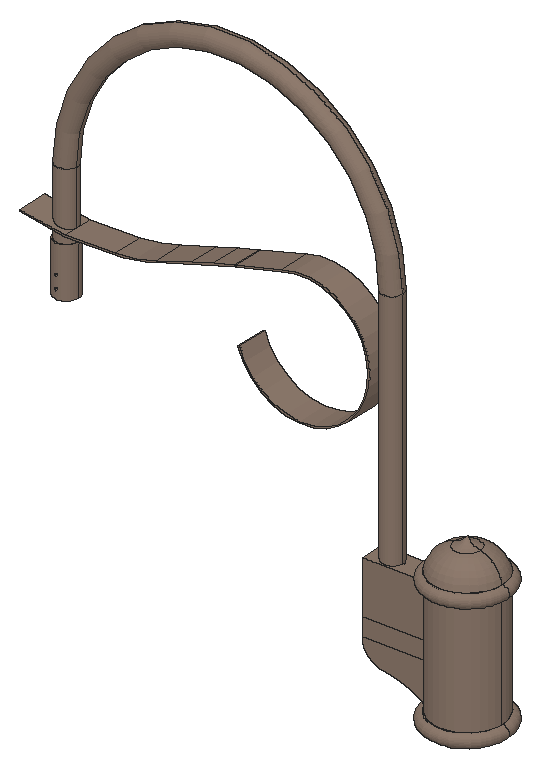
Revit family "PA200", category Generic Models, Revit 2014
Parameters
  TOP CAP = Bronze, Architectural
  TENON = Bronze, Architectural
  SCROLL = Bronze, Architectural
  OUTLET = Bronze, Architectural
  CANDY CANE = Bronze, Architectural
  BODY = Bronze, Architectural
  ARM BASE = Bronze, Architectural
Reference planes (in)
  plane 1 "Center (Front/Back)": y = 0
  plane 2: z = 0.375
  plane 3 "Center (Left/Right)": x = 0
  plane 4: y = 1.25
  plane 5: y = -1.25
Forms (in)
  Revolve 1, solid, material "Bronze, Architectural" <- "TOP CAP"
    sketch origin (0, 0, 2.9375) x (1, 0, 0) y (0, 0, 1)
      loop
        arc (0, 12.5069756) -> (-0.4517089, 12.0661058) -> (-1.0316896, 11.8170487) r 1.7265713
        arc (-1.0316896, 11.8170487) -> (-2.1761726, 11.1719103) -> (-2.7764188, 10.0032575) r 2.2856789
        line (-2.7764188, 10.0032575) -> (-2.8121317, 10.0032575)
        arc (-2.8121317, 10.0032575) -> (-3.3252429, 9.4901462) -> (-2.8121317, 8.977035) r 0.5131113
        line (-2.8121317, 8.977035) -> (0, 8.977035) -> (0, 12.5069756)
      axis (0, 12.5069756) -> (0, 8.977035)
    angle from 0 to 360
  Revolve 2, solid, material "Bronze, Architectural" <- "CANDY CANE"
    sketch origin (0, 0, 2.734375) x (1, 0, 0) y (0, 0, 1)
      loop
        line (-5.9984099, 28.1989193) -> (-6.83, 28.1989193) -> (-6.83, 8.6539173) -> (-5.9984099, 8.6539173) -> (-5.9984099, 28.1989193)
      axis (-5.9984099, 28.1989193) -> (-5.9984099, 8.6539173)
    angle from 0 to 360
  Revolve 3, solid, material "Bronze, Architectural" <- "CANDY CANE"
    sketch origin (0, 0, 2.734375) x (1, 0, 0) y (0, 0, 1)
      loop
        line (-31.9987147, 28.1989193) -> (-32.8284099, 28.1989193) -> (-32.8284099, 22.84125) -> (-31.9987147, 22.84125) -> (-31.9987147, 28.1989193)
      axis (-31.9987147, 28.1989193) -> (-31.9987147, 22.84125)
    angle from 0 to 360
  SweptBlend 4, solid, material "Bronze, Architectural" <- "CANDY CANE"
    path origin (0, 0, 2.734375) x (1, 0, 0) y (0, 0, 1)
      loop
        arc (-5.9984099, 28.1989193) -> (-18.9985623, 41.1990717) -> (-31.9987147, 28.1989193) r 13.0001524
    profile origin (-5.9984099, 0, 30.9332943) x (-1, 0, 0) y (0, -1, 0)
      loop
        circle (0, 0) r 0.8315901
    end profile origin (-31.9987147, 0, 30.9332943) x (0, -1, 0) y (1, 0, 0)
      loop
        circle (0, 0) r 0.8296953
  Revolve 5, solid, material "Bronze, Architectural" <- "OUTLET"
    sketch origin (0, 0, 2.734375) x (1, 0, 0) y (0, 0, 1)
      loop
        line (-31.9987147, 18.84125) -> (-31.9987147, 22.84125) -> (-32.984375, 22.84125) -> (-32.984375, 18.84125) -> (-31.9987147, 18.84125)
      axis (-31.9987147, 22.84125) -> (-31.9987147, 18.84125)
    angle from 0 to 360
  Revolve 6, solid, material "Bronze, Architectural" <- "BODY"
    sketch origin (0, 0, 2.9375) x (1, 0, 0) y (0, 0, 1)
      loop
        line (0, 0.0225155) -> (0, 8.977035) -> (-2.75, 8.977035) -> (-2.75, 0.0225155) -> (0, 0.0225155)
      axis (0, 8.977035) -> (0, 0.0225155)
    angle from 0 to 360
  Revolve 7, solid, material "Bronze, Architectural" <- "BODY"
    sketch origin (0, 0, 1.4350586) x (1, 0, 0) y (0, 0, 1)
      loop
        line (0, 1.5262225) -> (-2.8179877, 1.5262225)
        arc (-2.8179877, 1.5262225) -> (-3.3310989, 1.0131113) -> (-2.8179877, 0.5) r 0.5131113
        line (-2.8179877, 0.5) -> (0, 0.5) -> (0, 1.5262225)
      axis (0, 1.5262225) -> (0, 0.5)
    angle from 0 to 360
  Extrusion 8, solid, material "Bronze, Architectural" <- "SCROLL"
    sketch origin (0.0625, 0, 2.734375) x (1, 0, 0) y (0, 0, 1)
      loop
        arc (-17.5791208, 26.3816537) -> (-15.7052619, 26.7844075) -> (-13.8721717, 27.3441735) r 22.6457148
        arc (-13.8721717, 27.3441735) -> (-7.5779382, 19.9624647) -> (-17.241106, 20.8169752) r 5.2405226
        line (-17.241106, 20.8169752) -> (-17.3605203, 20.7800263)
        arc (-17.3605203, 20.7800263) -> (-7.4665589, 19.9057191) -> (-13.91248, 27.4625033) r 5.3655226
        arc (-13.91248, 27.4625033) -> (-15.7360483, 26.9055587) -> (-17.6001923, 26.5048648) r 22.5207148
        line (-17.6001923, 26.5048648) -> (-17.5791208, 26.3816537)
    from -1.25 to 1.25
  Extrusion 9, solid, material "Bronze, Architectural" <- "SCROLL"
    sketch origin (0.0625, 0, 2.734375) x (1, 0, 0) y (0, 0, 1)
      loop
        arc (-17.6001923, 26.5048648) -> (-18.4444261, 26.2747442) -> (-19.2851107, 26.0319775) r 58.2949861
        arc (-19.2851107, 26.0319775) -> (-20.1720419, 25.779137) -> (-21.0487278, 25.4927856) r 24.2729242
        arc (-21.0487278, 25.4927856) -> (-22.5037833, 25.0094626) -> (-23.9718018, 24.5670726) r 54.7502561
        arc (-23.9718018, 24.5670726) -> (-25.5505428, 24.1625553) -> (-27.172427, 24.002716) r 10.6903995
        arc (-27.172427, 24.002716) -> (-29.1678681, 23.8372564) -> (-31.1699903, 23.863118) r 20.9423793
        arc (-31.1699903, 23.863118) -> (-32.9772783, 24.0952003) -> (-34.7678287, 24.4329596) r 31.0311252
        line (-34.7678287, 24.4329596) -> (-34.7872238, 24.3229641)
        arc (-34.7872238, 24.3229641) -> (-32.9851684, 23.9950865) -> (-31.1700405, 23.7496931) r 40.1719566
        arc (-31.1700405, 23.7496931) -> (-28.82642, 23.7545674) -> (-26.4881684, 23.9131877) r 35.7032861
        arc (-26.4881684, 23.9131877) -> (-24.7610959, 24.2118849) -> (-23.0778731, 24.7005164) r 15.7594782
        arc (-23.0778731, 24.7005164) -> (-20.3459247, 25.5980886) -> (-17.5791208, 26.3816537) r 69.3628081
        line (-17.5791208, 26.3816537) -> (-17.6001923, 26.5048648)
    from -1.25 to 1.25
  Revolve 10, void
    sketch origin (0, 0, 2.734375) x (1, 0, 0) y (0, 0, 1)
      loop
        line (-31.9987147, 21.84125) -> (-32.859375, 21.84125) -> (-32.859375, 18.84125) -> (-31.9987147, 18.84125) -> (-31.9987147, 21.84125)
      axis (-31.9987147, 18.84125) -> (-31.9987147, 21.84125)
    angle from 0 to 360
  Extrusion 11, void
    sketch origin (0, 0, 2.734375) x (1, 0, 0) y (0, 0, 1)
      loop
        circle (-31.9987147, 20.59125) r 0.125
      loop
        circle (-31.9987147, 19.59125) r 0.125
    from -1.1165521 to 1.0819399
  Extrusion 12, solid, material "Bronze, Architectural" <- "ARM BASE"
    sketch origin (-0.1117534, 0, 2.734375) x (1, 0, 0) y (0, 0, 1)
      loop
        line (-2.25, 8.977035) -> (-7.4375, 8.977035) -> (-7.4375, 4.7375058) -> (-2.25, 4.7375058) -> (-2.25, 8.977035)
    from -1 to 1
  Extrusion 13, solid, material "Bronze, Architectural" <- "ARM BASE"
    sketch origin (-0.1117534, 0, 1.3125) x (1, 0, 0) y (0, 0, 1)
      loop
        arc (-7.4375, 4.7375058) -> (-6.9795242, 3.4685479) -> (-5.7650488, 2.8811422) r 1.7874006
        arc (-5.7650488, 2.8811422) -> (-4.1814536, 2.5275048) -> (-2.750646, 1.7622448) r 5.9964688
        arc (-2.750646, 1.7622448) -> (-2.5409906, 1.6686148) -> (-2.3126087, 1.6448731) r 0.728669
        arc (-2.3126087, 1.6448731) -> (-2.2683377, 1.6632107) -> (-2.25, 1.7074818) r 0.0626087
        line (-2.25, 1.7074818) -> (-2.25, 4.7375058) -> (-7.4375, 4.7375058)
    from -1 to 1
  Extrusion 14, solid, material "Bronze, Architectural" <- "ARM BASE"
    sketch origin (-0.1117534, 0, 2.734375) x (1, 0, 0) y (0, 0, 1)
      loop
        line (-2.25, 4.7375058) -> (-7.4375, 4.7375058) -> (-7.4375, 3.3156308) -> (-2.25, 3.3156308) -> (-2.25, 4.7375058)
    from -1 to 1
Cuts and joins
  joined: Revolve 2, SweptBlend 4
  Revolve 10, Extrusion 11 cuts Revolve 5
Lines and regions (in)
  model lines
    curve 1: line (-17.5376923, 0, 29.2392398) -> (-30.5154894, 0, 26.5704108)
    curve 2: line (-30.5154894, 0, 26.5704108) -> (-34.7678287, 0, 27.1673346)
    curve 3: line (-17.5087842, 0, 29.1313533) -> (-30.5154755, 0, 26.4587255)
    curve 4: line (-30.5154755, 0, 26.4587255) -> (-34.7872238, 0, 27.0573391)
Dimensions and locks (in)
  aligned and locked: plane 2 to level
